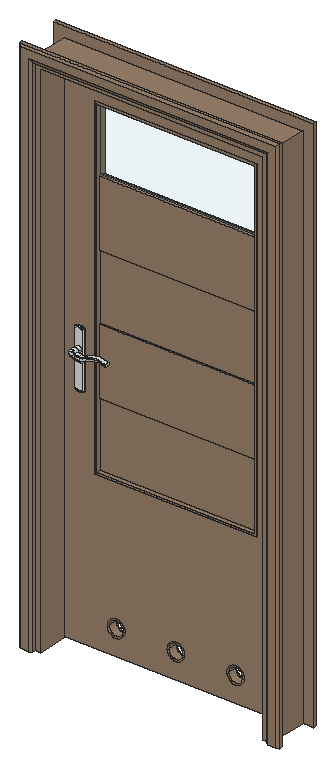
Revit family "Internal Door - sliding", category Doors, host Wall, Revit 2012 (continued)
Automatic sketch dimensions
  Extrusion 5 sketch curve to plane 8 = 0 mm
  Extrusion 5 sketch curve to plane 9 = 0 mm
  plane 20 to Extrusion 6 sketch curve = 0 mm
  plane 4 "Right" to curve 12 = 15 mm
  curve 10 to host wall = 0 mm
  curve 4 to plane 21 = 0 mm
  curve 9 to host wall = 0 mm
  curve 10 to plane 3 "Left" = 15 mm
  plane 4 "Right" to curve 7 = 52 mm
  plane 4 "Right" to curve 9 = 15 mm
  plane 20 to curve 4 = 14.85 mm
  Extrusion 35 sketch curve to plane 8 = 0 mm
  Extrusion 35 sketch curve to plane 9 = 0 mm
  Extrusion 41 sketch curve to plane 23 = 0 mm  (x3)
  plane 25 to Extrusion 41 sketch curve = 0 mm
  Extrusion 41 sketch curve to plane 2 "Center (Left/Right)" = 0 mm
  plane 24 to Extrusion 41 sketch curve = 0 mm
  Sweep 42 sketch curve to Sweep 42 sketch curve = 0 mm  (x2)
  Extrusion 2 to Sweep 42 sketch curve = 180 mm
  Sweep 42 sketch curve to Sweep 42 sketch curve = 30 mm
  Extrusion 2 to Sweep 42 sketch curve = 94.655 mm
  Sweep 42 sketch curve to profile plane = 0 mm  (x4)
  profile plane to Sweep 42 sketch curve = 2 mm  (x2)
  Sweep 42 sketch curve to profile plane = 1 mm
  Sweep 42 sketch curve to Sweep 42 sketch curve = 33.536 mm
  Sweep 43 sketch curve to Sweep 43 sketch curve = 0 mm  (x2)
  Extrusion 2 to Sweep 43 sketch curve = 180 mm
  Sweep 43 sketch curve to Sweep 43 sketch curve = 30 mm
  Extrusion 2 to Sweep 43 sketch curve = 94.655 mm
  profile plane to Sweep 43 sketch curve = 0 mm  (x3)
  Sweep 43 sketch curve to profile plane = 0 mm
  profile plane to Sweep 43 sketch curve = 1 mm
  Sweep 43 sketch curve to profile plane = 2 mm  (x2)
  Sweep 43 sketch curve to Sweep 43 sketch curve = 33.536 mm
  Sweep 44 sketch curve to Sweep 44 sketch curve = 0 mm  (x2)
  Extrusion 2 to Sweep 44 sketch curve = 94.655 mm
  Extrusion 2 to Sweep 44 sketch curve = 405 mm
  Sweep 44 sketch curve to Sweep 44 sketch curve = 30 mm
  profile plane to Sweep 44 sketch curve = 0 mm  (x3)
  Sweep 44 sketch curve to profile plane = 0 mm
  profile plane to Sweep 44 sketch curve = 1 mm
  Sweep 44 sketch curve to profile plane = 2 mm
  Sweep 44 sketch curve to Sweep 44 sketch curve = 2 mm
  Sweep 44 sketch curve to Sweep 44 sketch curve = 33.536 mm
  plane 6 "Exterior" to Sweep 32 sketch curve = 0 mm
  profile plane to Sweep 32 sketch curve = 5 mm  (x2)
  Sweep 32 sketch curve to plane 6 "Exterior" = 2 mm
  Sweep 32 sketch curve to profile plane = 2 mm  (x2)
  plane 6 "Exterior" to Sweep 32 sketch curve = 16 mm
  Sweep 32 sketch curve to Sweep 32 sketch curve = 16 mm
  Sweep 32 sketch curve to Sweep 32 sketch curve = 2 mm
  Sweep 32 sketch curve to Sweep 32 sketch curve = 5 mm
  Sweep 32 sketch curve to profile plane = 0 mm  (x2)
  radius of Extrusion 9 sketch curve = 9.919 mm
  radius of Extrusion 14 sketch curve = 9.919 mm
  radius of Extrusion 19 sketch curve = 9.919 mm
  radius of Extrusion 24 sketch curve = 9.919 mm
  radius of Extrusion 29 sketch curve = 9.919 mm
  radius of Extrusion 38 sketch curve = 9.919 mm
  radius of Extrusion 41 sketch curve = 30 mm  (x3)
Nested families
  nested 1: "Lever_Handle_6883" at (-360, 38, 1000), type "Lever_Handle_6883"
  nested 2: "Lever_Handle_6883" at (-360, 75, 1000), type "Lever_Handle_6883"
Definition of nested family "Lever_Handle_6883"
  Reference planes
    plane 1 "Center (Front/Back)": y = 0
    plane 2: z = 0
    plane 3 "Center (Left/Right)": x = 0
  Forms (mm)
    Blend 1, solid, material "Metal - Chrome"
      base sketch origin (0, 0, 0) x (1, 0, 0) y (0, 0, 1)
        loop
          line (-17.526, 71.368) -> (-17.526, -140.706)
          arc (-17.526, -140.706) -> (-12.954, -141.373) -> (-8.763, -143.318) r 16.002
          arc (-8.763, -143.318) -> (-4.572, -145.264) -> (0, -145.931) r 16.002
          arc (0, -145.931) -> (4.572, -145.264) -> (8.763, -143.318) r 16.002
          arc (8.763, -143.318) -> (12.954, -141.373) -> (17.526, -140.706) r 16.002
          line (17.526, -140.706) -> (17.526, 71.368)
          arc (17.526, 71.368) -> (12.954, 72.035) -> (8.763, 73.981) r 16.002
          arc (8.763, 73.981) -> (4.572, 75.927) -> (0, 76.594) r 16.002
          arc (0, 76.594) -> (-4.572, 75.927) -> (-8.763, 73.981) r 16.002
          arc (-8.763, 73.981) -> (-12.954, 72.035) -> (-17.526, 71.368) r 16.002
      top sketch origin (0, 0, 0) x (1, 0, 0) y (0, 0, 1)
        loop
          line (-14.148, 68.287) -> (-14.148, -137.624)
          arc (-14.148, -137.624) -> (-10.385, -138.691) -> (-6.913, -140.492) r 19.38
          arc (-6.913, -140.492) -> (-3.607, -142.026) -> (0, -142.553) r 12.624
          arc (0, -142.553) -> (3.607, -142.026) -> (6.913, -140.492) r 12.624
          arc (6.913, -140.492) -> (10.385, -138.691) -> (14.148, -137.624) r 19.38
          line (14.148, -137.624) -> (14.148, 68.287)
          arc (14.148, 68.287) -> (10.385, 69.354) -> (6.913, 71.154) r 19.38
          arc (6.913, 71.154) -> (3.607, 72.689) -> (0, 73.215) r 12.624
          arc (0, 73.215) -> (-3.607, 72.689) -> (-6.913, 71.154) r 12.624
          arc (-6.913, 71.154) -> (-10.385, 69.354) -> (-14.148, 68.287) r 19.38
      from 3.175 to 6.35
    Extrusion 2, solid, material "Metal - Chrome"
      sketch origin (0, 0, 0) x (1, 0, 0) y (0, 0, 1)
        loop
          arc (-17.526, -140.706) -> (-12.954, -141.373) -> (-8.763, -143.318) r 16.002
          arc (-8.763, -143.318) -> (-4.572, -145.264) -> (0, -145.931) r 16.002
          arc (0, -145.931) -> (4.572, -145.264) -> (8.763, -143.318) r 16.002
          arc (8.763, -143.318) -> (12.954, -141.373) -> (17.526, -140.706) r 16.002
          line (17.526, -140.706) -> (17.526, 71.368)
          arc (17.526, 71.368) -> (12.954, 72.035) -> (8.763, 73.981) r 16.002
          arc (8.763, 73.981) -> (4.572, 75.927) -> (0, 76.594) r 16.002
          arc (0, 76.594) -> (-4.572, 75.927) -> (-8.763, 73.981) r 16.002
          arc (-8.763, 73.981) -> (-12.954, 72.035) -> (-17.526, 71.368) r 16.002
          line (-17.526, 71.368) -> (-17.526, -140.706)
      from 0 to 3.175
    Extrusion 3, solid, material "Metal - Chrome"
      sketch origin (0, 0, 0) x (1, 0, 0) y (0, 0, 1)
        loop
          circle (0, 0) r 9.919
      from 6.35 to 25.4
    Extrusion 4, solid, material "Metal - Chrome"
      sketch origin (0, 0, 0) x (1, 0, 0) y (0, 0, 1)
        loop
          arc (27.178, -19.985) -> (38.428, -17.933) -> (48.778, -13.068) r 44.288
          arc (48.778, -13.068) -> (84.574, 3.027) -> (123.292, -3.407) r 67.809
          arc (123.292, -3.407) -> (128.362, -0.944) -> (125.9, 4.127) r 3.986
          arc (125.9, 4.127) -> (83.38, 11.406) -> (42.125, -1.201) r 93.388
          arc (42.125, -1.201) -> (34.818, -3.457) -> (27.178, -3.773) r 29.69
          arc (27.178, -3.773) -> (18.711, -1.746) -> (11.197, 2.65) r 29.69
          arc (11.197, 2.65) -> (-8.598, 7.646) -> (-1.324, -11.43) r 11.506
          arc (-1.324, -11.43) -> (12.187, -18.173) -> (27.178, -19.985) r 44.288
      from 40.446 to 25.4
    Blend 5, solid, material "Metal - Chrome"
      base sketch origin (0, 0, 0) x (1, 0, 0) y (0, 0, 1)
        loop
          arc (11.197, 2.65) -> (-8.598, 7.646) -> (-1.324, -11.43) r 11.506
          arc (-1.324, -11.43) -> (12.187, -18.173) -> (27.178, -19.985) r 44.288
          arc (27.178, -19.985) -> (38.428, -17.933) -> (48.778, -13.068) r 44.288
          arc (48.778, -13.068) -> (84.574, 3.027) -> (123.292, -3.407) r 67.809
          arc (123.292, -3.407) -> (128.362, -0.944) -> (125.9, 4.127) r 3.986
          arc (125.9, 4.127) -> (83.38, 11.406) -> (42.125, -1.201) r 93.388
          arc (42.125, -1.201) -> (34.818, -3.457) -> (27.178, -3.773) r 29.69
          arc (27.178, -3.773) -> (18.711, -1.746) -> (11.197, 2.65) r 29.69
      top sketch origin (0, 0, 0) x (1, 0, 0) y (0, 0, 1)
        loop
          arc (26.899, -6.936) -> (16.966, -4.46) -> (8.277, 0.952) r 32.865
          arc (8.277, 0.952) -> (-6.164, 5.605) -> (-0.163, -8.33) r 8.331
          arc (-0.163, -8.33) -> (12.668, -15) -> (27.016, -16.815) r 41.113
          arc (27.016, -16.815) -> (37.352, -14.943) -> (46.876, -10.515) r 41.113
          arc (46.876, -10.515) -> (84.148, 6.173) -> (124.448, -0.438) r 70.984
          arc (124.448, -0.438) -> (125.388, 0.187) -> (124.795, 1.146) r 0.811
          arc (124.795, 1.146) -> (83.579, 8.237) -> (43.595, -4.019) r 90.213
          arc (43.595, -4.019) -> (35.438, -6.572) -> (26.899, -6.936) r 32.865
      from 40.446 to 42.127
